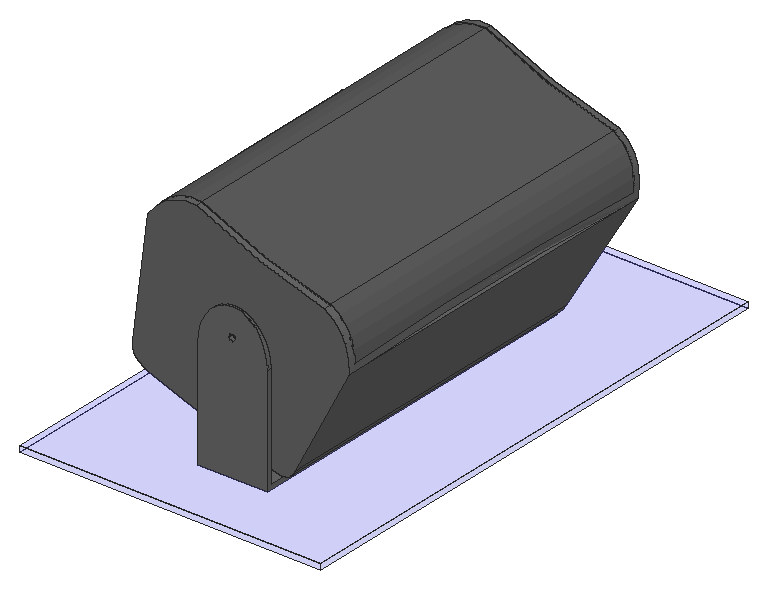
Revit family "AD-S12 - Yoke Mount", category Generic Models, host Face, Revit 2012
Parameters
  Yoke Finish [instance] = Black Finish
  Width = 10' - 0"
  Weight Product (lb) = 31
  Weight Product (kg) = 15
  Weight Dimensional (lb) = 40.6
  Weight Dimensional (kg) = 18.45
  URL = "TBA"
  Translated Angle [instance] = Rotation Angle + 90.00°  # 70.00°
  Sensitivity = 92
  SPL Max = 122
  Rotation Angle [instance] = -20.00°
  Regulatory Compliance = "RoHS"
  Product Page URL = "TBA"
  Product Documentation Link = "TBA"
  Power Handling = 250
  Mount Width = 0' - 4 135/256"
  Mount Inner Height [instance] = 1' - 10.9924"
  Mount Height = 1' - 11.46457"
  Mount Depth = 0' - 10"
  Model = "AD-S10T"
  Manufacturer URL = "www.qscaudio.com"
  Manufacturer = "QSC Audio Products, LLC"
  Impedance = 8
  Height = 1' - 11 119/256"
  Grille Finish [instance] = Black Grille
  Enclosure Finish [instance] = Black Finish
  Description = "10\" 2-Way Surface Mount Loudspeaker"
  Depth = 0' - 11.72664"
  Default Elevation = 4' - 0"
  Coverage Vertical = 90.00°
  Coverage Horizontal = 90.00°
  70V Taps = "100, 50, 25, 12.5"
  100V Taps = "100, 50, 25"
Reference planes (in)
  plane 1 "Center (Front/Back)": y = 0
  plane 2: z = 0
  plane 3 "Center (Left/Right)": x = 0
  plane 4 "Top": y = 11.73228
  plane 5 "Bottom": y = -11.73228
  plane 6: x = -2.26367
  plane 7: x = 2.26367
  plane 8: z = 10
  plane 9: z = 7.04724
  plane 10: y = 11.4962
  plane 11: y = -11.4962
  plane 12: z = 8.18898
Forms (in)
  Extrusion 1, solid, material "Glass"
    sketch origin (0, 0, 0) x (1, 0, 0) y (0, 1, 0)
      loop
        line (-10.5, 18.82283) -> (-10.5, -15.82489) -> (9.00883, -15.82489) -> (9.00883, 18.82283) -> (-10.5, 18.82283)
    from 0 to -0.39453
  Extrusion 2, solid, material "Black Finish" <- "Yoke Finish"
    sketch origin (0, -11.73228, 0) x (1, 0, 0) y (0, 0, -1)
      loop
        circle (0, -8.18898) r 0.21654
      loop
        line (2.26367, 0) -> (-2.26367, 0) -> (-2.26367, -7.04724)
        spline (-2.26367, -7.04724) -> (-2.18654, -7.81147) -> (-1.9604, -8.52362) -> (-1.60066, -9.13516) -> (-1.13184, -9.60441) -> (-0.58588, -9.89939) -> (0, -10) -> (0.58588, -9.89939) -> (1.13184, -9.60441) -> (1.60066, -9.13516) -> (1.9604, -8.52362) -> (2.18654, -7.81147) -> (2.26367, -7.04724)
        line (2.26367, -7.04724) -> (2.26367, 0)
    from 0 to 23.46457 <- "Mount Height"
  Extrusion 3, void
    sketch origin (-12.5665, -11.4962, 48) x (1, 0, 0) y (0, 0, -1)
      loop
        line (10.30282, 38) -> (14.83017, 38) -> (14.83017, 47.68) -> (10.30282, 47.68) -> (10.30282, 38)
    from 0 to 22.9924 <- "Mount Inner Height"
Cuts and joins
  Extrusion 3 cuts Extrusion 2
Lines and regions (in)
  reference lines
    curve 1: line (0, 0, 0) -> (0, 0, 8.18898)
Dimensions and locks (in)
  equal spacing: plane 4 "Top", plane 1 "Center (Front/Back)", plane 5 "Bottom"
  "Mount Height": plane 4 "Top" to plane 5 "Bottom"
  equal spacing: plane 6, plane 3 "Center (Left/Right)", plane 7
  "Mount Width": plane 6 to plane 7
  "Mount Depth": plane 8 to plane 2
  equal spacing: plane 11, plane 1 "Center (Front/Back)", plane 10
  plane 4 "Top" to plane 10 = 0' - 0.23608"
  level to Extrusion 3 sketch curve = 0' - 0.32"
  "Mount Inner Height": plane 10 to plane 11
  plane 12 to plane 2 = 0' - 8.18898"
  "Translated Angle": angle nested 1 to plane 12
  aligned and locked: plane 2 to Extrusion 1
  aligned and locked: level to Extrusion 1
  aligned and locked: plane 12 to curve 1
Automatic sketch dimensions
  Extrusion 1 sketch curve to Extrusion 1 sketch curve = 1' - 7.50883"
  Extrusion 1 sketch curve to Extrusion 1 sketch curve = 2' - 10.64772"
  Extrusion 3 sketch curve to plane 6 = 0' - 0"
  Extrusion 3 sketch curve to plane 7 = 0' - 0"
  Extrusion 3 sketch curve to plane 8 = 0' - 0"
  curve 1 to plane 3 "Center (Left/Right)" = 0' - 0"
  curve 1 to level = 0' - 0"
  Extrusion 2 sketch curve to level = 0' - 0"
  Extrusion 2 sketch curve to plane 6 = 0' - 0"
  Extrusion 2 sketch curve to plane 3 "Center (Left/Right)" = 0' - 0"  (x2)
  Extrusion 2 sketch curve to plane 9 = 0' - 0"
  Extrusion 2 sketch curve to plane 12 = 0' - 0"
  radius of Extrusion 2 sketch curve = 0' - 0.21654"
Nested families (in)
  nested 1: "AD-S12" at (2.16128, 0, 14.16315) x (-0.9397, 0, 0.342) z (0, -1, 0), type "AD-S12"
  nested 2: "AD-S12" at (9, 0, 15.71517) x (-1, 0, 0) z (0, -1, 0), type "AD-S12", not visible
Connectors (in)
  electrical at (-1.98558, -4.72441, 2.76974)
    settings: on nested 1, index 1, voltage 0 V, apparent load 0 VA, apparent load phase1 0 VA, apparent load phase2 0 VA, apparent load phase3 0 VA, power factor 1, load classification "Other", number of poles 1, system type 14, power factor state 1, is connector primary yes, connector utility no, sub classification motor no, connector description "Speaker Input"
  electrical at (-1.98558, -4.72441, 2.76974)
    settings: on nested 1, index 2, voltage 0 V, apparent load 0 VA, apparent load phase1 0 VA, apparent load phase2 0 VA, apparent load phase3 0 VA, power factor 1, load classification "Other", number of poles 1, system type 14, power factor state 1, is connector primary no, connector utility no, sub classification motor no, connector description "Parallel Output"
Definition of nested family "AD-S12"
  Parameters (values of type "AD-S12")
    Width = 1' - 1.93701"
    Weight Dimensional (lb) = 46.3
    Weight Dimensional (kg) = 21
    URL = "TBA"
    Sensitivity = 92
    SPL Max = 126
    Rotation Axis Distance = 10' - 11.92913"
    Regulatory Compliance = "RoHS"
    Product Page URL = "TBA"
    Product Documentation Link = "TBA"
    Weight Product (kg) = 16
    Weight Product (lb) = 35
    Power Handling = 300
    Model = "AD-S12"
    Mid Depth = 1' - 0.22441"
    Manufacturer URL = "www.qscaudio.com"
    Manufacturer = "QSC Audio Products, LLC"
    Impedance = 8
    Height [instance] = 1' - 11.4594"
    Grille Finish = Black Grille
    Enclosure Finish = Black Finish
    Description = "12\" 2-Way Surface Mount Loudspeaker"
    Depth [instance] = 1' - 0.71517"
    Coverage Vertical = 75.00°
    Coverage Horizontal = 75.00°
  Reference planes (in)
    plane 1 "Center (Front/Back) (Grille Extent)": y = 0
    plane 2: z = 0
    plane 3 "Center (Left/Right)": x = 0
    plane 4 "Rotation Axis Plane": y = 131.92913
    plane 5: x = -6.9685
    plane 6: x = 6.9685
    plane 7: x = 4.20118
    plane 8: x = -4.20118
    plane 9: y = 2.80315
    plane 10: x = -5.62343
    plane 11: x = 5.62343
    plane 12: y = 11.14843
    plane 13: x = -4.43091
    plane 14: x = 4.43091
    plane 15: y = 0.2126
    plane 16 "Back Plane": y = 12.71517
    plane 17: y = 12.22441
    plane 18: y = 3.07038
    plane 19: x = -6.82087
    plane 20: x = 6.82087
    plane 21: z = 5.51181
    plane 22: z = 3.93701
    plane 23: x = -1.5748
    plane 24: x = 1.5748
    plane 25 "Top Plane": z = 11.83201
    plane 26: z = -11.62738
    plane 27: x = 4.20118
    plane 28: x = -4.20118
    plane 29: y = 2.80315
    plane 30: x = -5.62343
    plane 31: x = 5.62343
    plane 32: y = 11.14843
    plane 33: x = -4.43091
    plane 34: x = 4.43091
    plane 35: y = 0.2126
    plane 36: y = 12.22441
    plane 37: y = 3.07038
    plane 38: x = -6.82087
    plane 39: x = 6.82087
  Forms (in)
    Revolve 1, solid, material "Black Finish" <- "Enclosure Finish"
      sketch origin (0, 0, 0) x (1, 0, 0) y (0, 1, 0)
        loop
          spline (-4.20118, 12.22441) -> (-4.40269, 12.21694) -> (-4.58911, 12.19452) -> (-4.76044, 12.15716) -> (-4.91669, 12.10486) -> (-5.05784, 12.03761) -> (-5.1839, 11.95541) -> (-5.29488, 11.85828) -> (-5.39077, 11.74619) -> (-5.47157, 11.61917) -> (-5.53727, 11.4772) -> (-5.58789, 11.32028) -> (-5.62343, 11.14843)
          line (-5.62343, 11.14843) -> (-6.9685, 2.80315)
          spline (-6.9685, 2.80315) -> (-6.84295, 2.41211) -> (-6.70178, 2.04969) -> (-6.54499, 1.7159) -> (-6.37258, 1.41074) -> (-6.18454, 1.1342) -> (-5.98089, 0.88629) -> (-5.76161, 0.66701) -> (-5.52671, 0.47635) -> (-5.27619, 0.31433) -> (-5.01005, 0.18092) -> (-4.72829, 0.07615) -> (-4.43091, 0)
          spline (-4.43091, 0) -> (-3.69309, 0.07606) -> (-2.95515, 0.13828) -> (-2.21709, 0.18668) -> (-1.47891, 0.22126) -> (-0.74061, 0.242) -> (-0.00219, 0.24891) -> (0.73636, 0.242) -> (1.47502, 0.22126) -> (2.21381, 0.18668) -> (2.95272, 0.13828) -> (3.69175, 0.07606) -> (4.43091, 0)
          spline (4.43091, 0) -> (4.72829, 0.07615) -> (5.01005, 0.18092) -> (5.27619, 0.31433) -> (5.52671, 0.47635) -> (5.76161, 0.66701) -> (5.98089, 0.88629) -> (6.18454, 1.1342) -> (6.37258, 1.41074) -> (6.54499, 1.7159) -> (6.70178, 2.04969) -> (6.84295, 2.41211) -> (6.9685, 2.80315)
          line (6.9685, 2.80315) -> (5.62343, 11.14843)
          spline (5.62343, 11.14843) -> (5.58789, 11.32028) -> (5.53727, 11.4772) -> (5.47157, 11.61917) -> (5.39077, 11.74619) -> (5.29488, 11.85828) -> (5.1839, 11.95541) -> (5.05784, 12.03761) -> (4.91669, 12.10486) -> (4.76044, 12.15716) -> (4.58911, 12.19452) -> (4.40269, 12.21694) -> (4.20118, 12.22441)
          line (4.20118, 12.22441) -> (-4.20118, 12.22441)
        axis (-6.9685, 131.92913) -> (6.9685, 131.92913)
      angle from -5.19 to 5.19
    Revolve 2, void
      sketch origin (0, 0, 0) x (1, 0, 0) y (0, 1, 0)
        loop
          line (-6.82087, 3.07038) -> (-6.82087, 0) -> (6.82087, 0) -> (6.82087, 3.07038) -> (-6.82087, 3.07038)
        axis (-6.82087, 131.92913) -> (6.82087, 131.92913)
      angle from -5 to 5
    Extrusion 3, void
      sketch origin (0, 12.71517, 0) x (-1, 0, 0) y (0, 0, -1)
        loop
          line (-1.5748, -5.51181) -> (1.5748, -5.51181) -> (1.5748, -3.93701) -> (-1.5748, -3.93701) -> (-1.5748, -5.51181)
      from 0 to 0.59055
    Revolve 4, solid, material "Black Grille" <- "Grille Finish"
      sketch origin (0, 0, 0) x (1, 0, 0) y (0, 1, 0)
        loop
          spline (-4.43091, 0) -> (-3.69309, 0.07606) -> (-2.95515, 0.13828) -> (-2.21709, 0.18668) -> (-1.47891, 0.22126) -> (-0.74061, 0.242) -> (-0.00219, 0.24891) -> (0.73636, 0.242) -> (1.47502, 0.22126) -> (2.21381, 0.18668) -> (2.95272, 0.13828) -> (3.69175, 0.07606) -> (4.43091, 0)
          spline (4.43091, 0) -> (4.71215, 0.08363) -> (4.97847, 0.18767) -> (5.22987, 0.31212) -> (5.46634, 0.45698) -> (5.68789, 0.62226) -> (5.89452, 0.80794) -> (6.08622, 1.01404) -> (6.263, 1.24055) -> (6.42485, 1.48747) -> (6.57178, 1.7548) -> (6.70378, 2.04254) -> (6.82087, 2.35069)
          line (6.82087, 2.35069) -> (-6.82087, 2.35069)
          spline (-6.82087, 2.35069) -> (-6.70378, 2.04254) -> (-6.57178, 1.7548) -> (-6.42485, 1.48747) -> (-6.263, 1.24055) -> (-6.08622, 1.01404) -> (-5.89452, 0.80794) -> (-5.68789, 0.62226) -> (-5.46634, 0.45698) -> (-5.22987, 0.31212) -> (-4.97847, 0.18767) -> (-4.71215, 0.08363) -> (-4.43091, 0)
        axis (-6.82087, 131.92913) -> (6.82087, 131.92913)
      angle from -5.009 to 5.009
  Cuts and joins
    Revolve 2, Extrusion 3 cuts Revolve 1
  Lines and regions (in)
    model lines, detail levels fine
      curve 1: line (0.17216, 2.34921, 11.76989) -> (-0.06705, 2.66308, 11.74138)
      curve 2: line (-0.06705, 2.66308, 11.74138) -> (0.17216, 2.34921, 11.76989)
      curve 3: line (-0.93434, 2.3884, 11.76633) -> (-0.84396, 2.71218, 11.73693)
      curve 4: line (-0.84396, 2.71218, 11.73693) -> (-0.93434, 2.3884, 11.76633)
      curve 5: line (-0.78338, 2.17403, 11.78581) -> (-0.85083, 2.77319, 11.73138)
      curve 6: line (-0.85083, 2.77319, 11.73138) -> (-0.78338, 2.17403, 11.78581)
      curve 7: line (0.49247, 2.59322, 11.74773) -> (0.70579, 2.43715, 11.76191)
      curve 8: line (0.70579, 2.43715, 11.76191) -> (0.49247, 2.59322, 11.74773)
      curve 17: line (-6.93875, 3.52261, 0.20046) -> (-6.88075, 3.80887, -0.02124)
      curve 18: line (-6.88075, 3.80887, -0.02124) -> (-6.93875, 3.52261, 0.20046)
      curve 19: line (-6.93151, 3.55835, -0.825) -> (-6.87168, 3.85365, -0.74125)
      curve 20: line (-6.87168, 3.85365, -0.74125) -> (-6.93151, 3.55835, -0.825)
      curve 21: line (-6.97112, 3.36283, -0.6851) -> (-6.8604, 3.9093, -0.74761)
      curve 22: line (-6.8604, 3.9093, -0.74761) -> (-6.97112, 3.36283, -0.6851)
      curve 23: line (-6.89366, 3.74516, 0.49731) -> (-6.9225, 3.60281, 0.695)
      curve 24: line (-6.9225, 3.60281, 0.695) -> (-6.89366, 3.74516, 0.49731)
      curve 33: line (6.93875, 3.52261, -0.20046) -> (6.88075, 3.80887, 0.02124)
      curve 34: line (6.88075, 3.80887, 0.02124) -> (6.93875, 3.52261, -0.20046)
      curve 35: line (6.93151, 3.55835, 0.825) -> (6.87168, 3.85365, 0.74125)
      curve 36: line (6.87168, 3.85365, 0.74125) -> (6.93151, 3.55835, 0.825)
      curve 37: line (6.97112, 3.36283, 0.6851) -> (6.8604, 3.9093, 0.74761)
      curve 38: line (6.8604, 3.9093, 0.74761) -> (6.97112, 3.36283, 0.6851)
      curve 39: line (6.89366, 3.74516, -0.49731) -> (6.9225, 3.60281, -0.695)
      curve 40: line (6.9225, 3.60281, -0.695) -> (6.89366, 3.74516, -0.49731)
      curve 41: line (-0.17216, 2.34921, -11.76989) -> (0.06705, 2.66308, -11.74138)
      curve 42: line (0.06705, 2.66308, -11.74138) -> (-0.17216, 2.34921, -11.76989)
      curve 43: line (0.93434, 2.3884, -11.76633) -> (0.84396, 2.71218, -11.73693)
      curve 44: line (0.84396, 2.71218, -11.73693) -> (0.93434, 2.3884, -11.76633)
      curve 45: line (0.78338, 2.17403, -11.78581) -> (0.85083, 2.77319, -11.73138)
      curve 46: line (0.85083, 2.77319, -11.73138) -> (0.78338, 2.17403, -11.78581)
      curve 47: line (-0.49247, 2.59322, -11.74773) -> (-0.70579, 2.43715, -11.76191)
      curve 48: line (-0.70579, 2.43715, -11.76191) -> (-0.49247, 2.59322, -11.74773)
    model lines, not visible, detail levels fine
      curve 9: line (-0.68506, 1.17355, 0.03125) -> (-0.92428, 1.48872, 0.03125)
      curve 10: line (-0.92428, 1.48872, 0.03125) -> (-0.68506, 1.17355, 0.03125)
      curve 11: line (-1.79156, 1.21291, 0.03125) -> (-1.70119, 1.53802, 0.03125)
      curve 12: line (-1.70119, 1.53802, 0.03125) -> (-1.79156, 1.21291, 0.03125)
      curve 13: line (-1.6406, 0.99765, 0.03125) -> (-1.70806, 1.59928, 0.03125)
      curve 14: line (-1.70806, 1.59928, 0.03125) -> (-1.6406, 0.99765, 0.03125)
      curve 15: line (-0.36475, 1.41857, 0.03125) -> (-0.15144, 1.26185, 0.03125)
      curve 16: line (-0.15144, 1.26185, 0.03125) -> (-0.36475, 1.41857, 0.03125)
      curve 25: line (0.65829, -2.35694, 1.02704) -> (0.4366, -2.06486, 1.02704)
      curve 26: line (0.4366, -2.06486, 1.02704) -> (0.65829, -2.35694, 1.02704)
      curve 27: line (-0.36717, -2.32047, 1.02704) -> (-0.28341, -2.01917, 1.02704)
      curve 28: line (-0.28341, -2.01917, 1.02704) -> (-0.36717, -2.32047, 1.02704)
      curve 29: line (-0.22727, -2.51996, 1.02704) -> (-0.28978, -1.96239, 1.02704)
      curve 30: line (-0.28978, -1.96239, 1.02704) -> (-0.22727, -2.51996, 1.02704)
      curve 31: line (0.95515, -2.12986, 1.02704) -> (1.15283, -2.27511, 1.02704)
      curve 32: line (1.15283, -2.27511, 1.02704) -> (0.95515, -2.12986, 1.02704)
    model lines, not visible, detail levels medium+fine
      curve 49: circle (0, 7.52183, 0) r 0.64961 normal (0, 0, 1)
    model lines, detail levels medium+fine
      curve 50: circle (0, 6.32638, 11.40864) r 0.64961 normal (0, 0.0905, 0.9959)
      curve 51: circle (0, 6.32638, -11.40864) r 0.64961 normal (0, -0.0905, 0.9959)
  Dimensions and locks (in)
    "Rotation Axis Distance": plane 4 "Rotation Axis Plane" to plane 1 "Center (Front/Back) (Grille Extent)"
    equal spacing: plane 5, plane 3 "Center (Left/Right)", plane 6
    "Width": plane 5 to plane 6
    equal spacing: plane 8, plane 3 "Center (Left/Right)", plane 7
    plane 8 to plane 7 = 0' - 8 103/256"
    plane 10 to plane 11 = 0' - 11.24685"
    equal spacing: plane 10, plane 3 "Center (Left/Right)", plane 11
    equal spacing: plane 13, plane 3 "Center (Left/Right)", plane 14
    plane 13 to plane 14 = 0' - 8.86181"
    plane 15 to plane 1 "Center (Front/Back) (Grille Extent)" = 0' - 0.2126"
    "Depth": plane 16 "Back Plane" to plane 1 "Center (Front/Back) (Grille Extent)"
    "Mid Depth": plane 17 to plane 1 "Center (Front/Back) (Grille Extent)"
    equal spacing: plane 19, plane 3 "Center (Left/Right)", plane 20
    plane 19 to plane 20 = 1' - 1.64173"
    plane 21 to plane 22 = 0' - 1.5748"
    equal spacing: plane 23, plane 3 "Center (Left/Right)", plane 24
    plane 23 to plane 24 = 0' - 3.14961"
    "Height": plane 25 "Top Plane" to plane 26
    plane 9 to plane 1 "Center (Front/Back) (Grille Extent)" = 0' - 2.80315"
    plane 10 to plane 3 "Center (Left/Right)" = 0' - 5.62343"
    plane 17 to plane 12 = 0' - 1.07598"
    plane 13 to plane 3 "Center (Left/Right)" = 0' - 4.43091"
    plane 8 to plane 3 "Center (Left/Right)" = 0' - 4.20118"
    plane 28 to plane 27 = 0' - 8 103/256"  (x2)
    plane 30 to plane 31 = 0' - 11.24685"  (x2)
    plane 33 to plane 34 = 0' - 8.86181"  (x2)
    plane 36 to plane 32 = 0' - 1.07598"
    plane 38 to plane 39 = 1' - 1.64173"
    curve 50 to plane 16 "Back Plane" = 0' - 5.74185"
    plane 26 to plane 22 = 1' - 3.56439"
    aligned and locked: plane 2 to level
    aligned and locked: Revolve 1 sketch curve to plane 17
    aligned and locked: Revolve 2 sketch curve to plane 4 "Rotation Axis Plane"
    aligned and locked: Revolve 2 sketch curve to plane 18
    aligned and locked: Revolve 2 sketch curve to plane 19
    aligned and locked: Revolve 2 sketch curve to plane 1 "Center (Front/Back) (Grille Extent)"
    aligned and locked: Revolve 2 sketch curve to plane 20
    aligned and locked: plane 21 to Extrusion 3 sketch curve
    aligned and locked: plane 24 to Extrusion 3 sketch curve
    aligned and locked: Extrusion 3 sketch curve to plane 22
    aligned and locked: Extrusion 3 sketch curve to plane 23
    aligned and locked: plane 12 to Revolve 1 sketch curve
    aligned and locked: plane 10 to Revolve 1 sketch curve
    aligned and locked: plane 16 "Back Plane" to cut or joined group of Revolve 1, Revolve 2, Extrusion 3
    aligned and locked: curve 6 to cut or joined group of Revolve 1, Revolve 2, Extrusion 3
    aligned and locked: curve 50 to cut or joined group of Revolve 1, Revolve 2, Extrusion 3
  Automatic sketch dimensions
    Revolve 1 sketch curve to plane 5 = 0' - 0"  (x2)
    Revolve 1 sketch curve to plane 4 "Rotation Axis Plane" = 0' - 0"
    plane 1 "Center (Front/Back) (Grille Extent)" to Revolve 1 sketch curve = 0' - 0"
    Revolve 1 sketch curve to plane 13 = 0' - 0"
    Revolve 1 sketch curve to plane 8 = 0' - 0"
    Revolve 1 sketch curve to plane 7 = 0' - 0"
    Revolve 1 sketch curve to plane 14 = 0' - 0"
    Revolve 1 sketch curve to plane 11 = 0' - 0"
    Revolve 1 sketch curve to plane 6 = 0' - 0"  (x2)
    Revolve 1 sketch curve to plane 9 = 0' - 0"  (x2)
    Revolve 1 sketch curve to plane 12 = 0' - 0"
    Revolve 2 sketch curve to plane 3 "Center (Left/Right)" = 0' - 0"
    Revolve 2 sketch curve to plane 6 = 0' - 0"
    Revolve 4 sketch curve to plane 4 "Rotation Axis Plane" = 0' - 0"
    Revolve 4 sketch curve to plane 5 = 0' - 0"
    Revolve 4 sketch curve to plane 38 = 0' - 0"
    plane 1 "Center (Front/Back) (Grille Extent)" to Revolve 4 sketch curve = 0' - 0"
    Revolve 4 sketch curve to plane 33 = 0' - 0"
    Revolve 4 sketch curve to plane 34 = 0' - 0"
    Revolve 4 sketch curve to plane 39 = 0' - 0"
    Revolve 4 sketch curve to plane 6 = 0' - 0"
    Revolve 4 sketch curve to plane 29 = 0' - 0.45246"
    curve 3 to curve 4 = 0' - 0"  (x2)
    curve 4 to curve 5 = 0' - 0.08351"
    curve 6 to curve 5 = 0' - 0"  (x3)
    curve 6 to curve 3 = 0' - 0.00687"
    curve 4 to curve 3 = 0' - 0"
    curve 3 to curve 5 = 0' - 0.15096"
    curve 3 to curve 2 = 0' - 0.77691"
    curve 1 to curve 2 = 0' - 0"
    curve 2 to curve 1 = 0' - 0.23921"
    curve 2 to curve 1 = 0' - 0"  (x3)
    curve 1 to curve 8 = 0' - 0 41/128"
    curve 7 to curve 8 = 0' - 0"  (x2)
    curve 7 to curve 8 = 0' - 0.21331"
    curve 5 to curve 6 = 0' - 0"
    curve 6 to curve 1 = 0' - 0.17591"
    curve 5 to curve 4 = 0' - 0.21526"
    curve 1 to curve 7 = 0' - 0.0883"
    curve 8 to curve 7 = 0' - 0"  (x2)
    curve 8 to curve 7 = 0' - 0.15672"
    curve 1 to curve 1 = 0' - 0.31516"
    curve 4 to curve 4 = 0' - 0.32511"
    curve 11 to curve 12 = 0' - 0"  (x2)
    curve 12 to curve 13 = 0' - 0.08351"
    curve 14 to curve 13 = 0' - 0"  (x3)
    curve 14 to curve 11 = 0' - 0.00687"
    curve 12 to curve 11 = 0' - 0"
    curve 11 to curve 13 = 0' - 0.15096"
    curve 11 to curve 10 = 0' - 0.77691"
    curve 9 to curve 10 = 0' - 0"
    curve 10 to curve 9 = 0' - 0.23921"
    curve 10 to curve 9 = 0' - 0"  (x3)
    curve 9 to curve 16 = 0' - 0 41/128"
    curve 15 to curve 16 = 0' - 0"  (x2)
    curve 15 to curve 16 = 0' - 0.21331"
    curve 13 to curve 14 = 0' - 0"
    curve 14 to curve 9 = 0' - 0.17591"
    curve 13 to curve 12 = 0' - 0.21526"
    curve 9 to curve 15 = 0' - 0.0883"
    curve 16 to curve 15 = 0' - 0"  (x2)
    curve 16 to curve 15 = 0' - 0.15672"
    curve 9 to curve 9 = 0' - 0.31516"
    curve 12 to curve 12 = 0' - 0.32511"
    curve 19 to curve 20 = 0' - 0"  (x2)
    curve 20 to curve 21 = 0' - 0.07739"
    curve 22 to curve 21 = 0' - 0"  (x3)
    curve 21 to curve 19 = 0' - 0.00637"
    curve 20 to curve 19 = 0' - 0"
    curve 19 to curve 21 = 0' - 0.1399"
    curve 19 to curve 18 = 0' - 0.72001"
    curve 17 to curve 18 = 0' - 0"
    curve 17 to curve 17 = 0' - 0.22169"
    curve 18 to curve 17 = 0' - 0"  (x3)
    curve 18 to curve 24 = 0' - 0.29685"
    curve 23 to curve 24 = 0' - 0"  (x2)
    curve 23 to curve 24 = 0' - 0.19769"
    curve 21 to curve 22 = 0' - 0"
    curve 22 to curve 17 = 0' - 0.16302"
    curve 22 to curve 20 = 0' - 0.19949"
    curve 18 to curve 23 = 0' - 0.08183"
    curve 24 to curve 23 = 0' - 0"  (x2)
    curve 24 to curve 23 = 0' - 0.14524"
    curve 18 to curve 17 = 0' - 0.29208"
    curve 20 to curve 20 = 0' - 0.3013"
    curve 27 to curve 28 = 0' - 0"  (x2)
    curve 28 to curve 29 = 0' - 0.07739"
    curve 30 to curve 29 = 0' - 0"  (x3)
    curve 29 to curve 27 = 0' - 0.00637"
    curve 28 to curve 27 = 0' - 0"
    curve 27 to curve 29 = 0' - 0.1399"
    curve 27 to curve 26 = 0' - 0.72001"
    curve 25 to curve 26 = 0' - 0"
    curve 25 to curve 25 = 0' - 0.22169"
    curve 26 to curve 25 = 0' - 0"  (x3)
    curve 26 to curve 32 = 0' - 0.29685"
    curve 31 to curve 32 = 0' - 0"  (x2)
    curve 31 to curve 32 = 0' - 0.19769"
    curve 29 to curve 30 = 0' - 0"
    curve 30 to curve 25 = 0' - 0.16302"
    curve 30 to curve 28 = 0' - 0.19949"
    curve 26 to curve 31 = 0' - 0.08183"
    curve 32 to curve 31 = 0' - 0"  (x2)
    curve 32 to curve 31 = 0' - 0.14524"
    curve 26 to curve 25 = 0' - 0.29208"
    curve 28 to curve 28 = 0' - 0.3013"
    curve 35 to curve 36 = 0' - 0"  (x2)
    curve 36 to curve 37 = 0' - 0.07739"
    curve 38 to curve 37 = 0' - 0"  (x3)
    curve 37 to curve 35 = 0' - 0.00637"
    curve 36 to curve 35 = 0' - 0"
    curve 35 to curve 37 = 0' - 0.1399"
    curve 35 to curve 34 = 0' - 0.72001"
    curve 33 to curve 34 = 0' - 0"
    curve 33 to curve 33 = 0' - 0.22169"
    curve 34 to curve 33 = 0' - 0"  (x3)
    curve 34 to curve 40 = 0' - 0.29685"
    curve 39 to curve 40 = 0' - 0"  (x2)
    curve 39 to curve 40 = 0' - 0.19769"
    curve 37 to curve 38 = 0' - 0"
    curve 38 to curve 33 = 0' - 0.16302"
    curve 38 to curve 36 = 0' - 0.19949"
    curve 34 to curve 39 = 0' - 0.08183"
    curve 40 to curve 39 = 0' - 0"  (x2)
    curve 40 to curve 39 = 0' - 0.14524"
    curve 34 to curve 33 = 0' - 0.29208"
    curve 36 to curve 36 = 0' - 0.3013"
    curve 43 to curve 44 = 0' - 0"  (x2)
    curve 44 to curve 45 = 0' - 0.08351"
    curve 46 to curve 45 = 0' - 0"  (x3)
    curve 46 to curve 43 = 0' - 0.00687"
    curve 44 to curve 43 = 0' - 0"
    curve 43 to curve 45 = 0' - 0.15096"
    curve 43 to curve 42 = 0' - 0.77691"
    curve 41 to curve 42 = 0' - 0"
    curve 42 to curve 41 = 0' - 0.23921"
    curve 42 to curve 41 = 0' - 0"  (x3)
    curve 41 to curve 48 = 0' - 0 41/128"
    curve 47 to curve 48 = 0' - 0"  (x2)
    curve 47 to curve 48 = 0' - 0.21331"
    curve 45 to curve 46 = 0' - 0"
    curve 46 to curve 41 = 0' - 0.17591"
    curve 45 to curve 44 = 0' - 0.21526"
    curve 41 to curve 47 = 0' - 0.0883"
    curve 48 to curve 47 = 0' - 0"  (x2)
    curve 48 to curve 47 = 0' - 0.15672"
    curve 41 to curve 41 = 0' - 0.31516"
    curve 44 to curve 44 = 0' - 0.32511"
  Connectors (in)
    electrical at (0, 12.12462, 4.72441)
      settings: on cut or joined group of Revolve 1, Revolve 2, Extrusion 3, index 1, voltage 0 V, apparent load 0 VA, apparent load phase1 0 VA, apparent load phase2 0 VA, apparent load phase3 0 VA, power factor 1, load classification "Other", number of poles 1, system type 14, power factor state 1, is connector primary yes, connector utility no, sub classification motor no, connector description "Speaker Input"
    electrical at (0, 12.12462, 4.72441)
      settings: on cut or joined group of Revolve 1, Revolve 2, Extrusion 3, index 2, voltage 0 V, apparent load 0 VA, apparent load phase1 0 VA, apparent load phase2 0 VA, apparent load phase3 0 VA, power factor 1, load classification "Other", number of poles 1, system type 14, power factor state 1, is connector primary no, connector utility no, sub classification motor no, connector description "Parallel Output"
